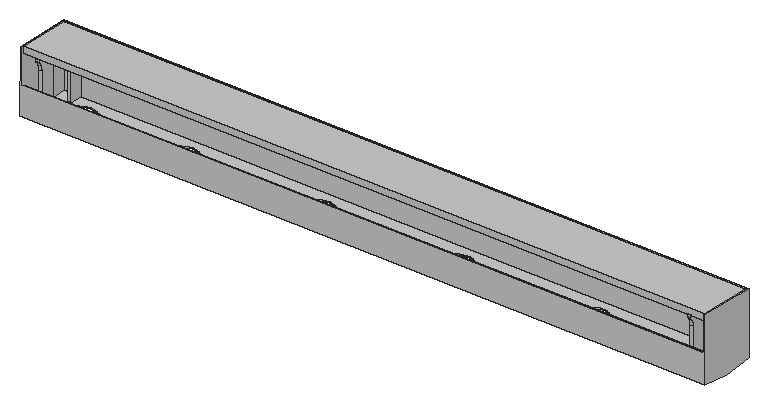
Revit family "PF_ST_RainTrak- O_ACO_2022", category Plumbing Fixtures, Revit 2022 (continued)
Dimensions and locks
  aligned and locked: Extrusion 25 to cut or joined group 1 (Extrusion 1, Extrusion 2, Extrusion 3, Extrusion 4, Extrusion 5, Extrusion 6, Extrusion 7, Extrusion 8, Extrusion 9, Extrusion 10, Extrusion 11, Extrusion 12, Extrusion 13, Extrusion 14, Extrusion 15, Extrusion 16, Extrusion 17, Extrusion 18, Extrusion 19, Extrusion 20, Extrusion 21, Extrusion 22, Extrusion 23, Extrusion 24, Extrusion 25, Extrusion 26, Extrusion 27, Extrusion 28, Extrusion 29, Extrusion 30, Extrusion 31, Extrusion 32, Extrusion 33)
  aligned and locked: Extrusion 26 to cut or joined group 1
  aligned and locked: Extrusion 27 to cut or joined group 1
  aligned and locked: Extrusion 28 to cut or joined group 1
  aligned and locked: Extrusion 29 to cut or joined group 1
  aligned and locked: Extrusion 30 to cut or joined group 1
  aligned and locked: Extrusion 31 to cut or joined group 1
  aligned and locked: Extrusion 32 to cut or joined group 1
  aligned and locked: Extrusion 33 to cut or joined group 1
  aligned and locked: Extrusion 23 to cut or joined group 1
  aligned and locked: Extrusion 10 to plane 6 "connector_plane"
  aligned and locked: Extrusion 5 to plane 6 "connector_plane"
  aligned and locked: Extrusion 11 to plane 6 "connector_plane"
  aligned and locked: Extrusion 12 to plane 6 "connector_plane"
  aligned and locked: Extrusion 13 to plane 6 "connector_plane"
  aligned and locked: Extrusion 14 to plane 6 "connector_plane"
  aligned and locked: Extrusion 15 to plane 6 "connector_plane"
  aligned and locked: Extrusion 6 to plane 6 "connector_plane"
  aligned and locked: Extrusion 16 to plane 6 "connector_plane"
  aligned and locked: Extrusion 17 to plane 6 "connector_plane"
  aligned and locked: Extrusion 18 to plane 6 "connector_plane"
  aligned and locked: Extrusion 19 to plane 6 "connector_plane"
  aligned and locked: Extrusion 20 to plane 6 "connector_plane"
  aligned and locked: Extrusion 21 to plane 6 "connector_plane"
  aligned and locked: Extrusion 22 to plane 6 "connector_plane"
  aligned and locked: Extrusion 23 to plane 6 "connector_plane"
  aligned and locked: Extrusion 24 to plane 6 "connector_plane"
  aligned and locked: Extrusion 25 to plane 6 "connector_plane"
  aligned and locked: Extrusion 26 to plane 6 "connector_plane"
  aligned and locked: Extrusion 27 to plane 6 "connector_plane"
  aligned and locked: Extrusion 28 to plane 6 "connector_plane"
  aligned and locked: Extrusion 29 to plane 6 "connector_plane"
  aligned and locked: Extrusion 30 to plane 6 "connector_plane"
  aligned and locked: Extrusion 31 to plane 6 "connector_plane"
  aligned and locked: Extrusion 32 to plane 6 "connector_plane"
  aligned and locked: Extrusion 33 to plane 6 "connector_plane"
  aligned and locked: Extrusion 7 to plane 6 "connector_plane"
  aligned and locked: Extrusion 9 to plane 6 "connector_plane"
  aligned and locked: cut or joined group 1 to Extrusion 3 sketch curve
  aligned and locked: cut or joined group 1 to Extrusion 4 sketch curve
  aligned and locked: Extrusion 34 sketch curve to cut or joined group 1  (x4)
  aligned and locked: Extrusion 34 to curve 1
  aligned and locked: Extrusion 34 to cut or joined group 1
Automatic sketch dimensions
  Extrusion 3 sketch curve to plane 5 = 0 mm
  Extrusion 3 sketch curve to plane 1 "Center (Front/Back)" = 0 mm
  Extrusion 3 sketch curve to plane 4 = 0 mm
  plane 6 "connector_plane" to Extrusion 3 sketch curve = 5.3 mm
  plane 6 "connector_plane" to Extrusion 3 sketch curve = 5.145 mm
  plane 6 "connector_plane" to Extrusion 3 sketch curve = 1.207 mm
  Extrusion 3 sketch curve to Extrusion 3 sketch curve = 40 mm
  Extrusion 4 sketch curve to plane 5 = 0 mm
  Extrusion 4 sketch curve to plane 1 "Center (Front/Back)" = 0 mm
  Extrusion 4 sketch curve to plane 4 = 0 mm
  plane 6 "connector_plane" to Extrusion 4 sketch curve = 5.3 mm
  plane 6 "connector_plane" to Extrusion 4 sketch curve = 5.145 mm
  plane 6 "connector_plane" to Extrusion 4 sketch curve = 1.207 mm
  Extrusion 1 sketch curve to plane 1 "Center (Front/Back)" = 0.121 mm
  Extrusion 2 sketch curve to plane 1 "Center (Front/Back)" = 0 mm  (x2)
  Extrusion 2 sketch curve to plane 4 = 2 mm
  plane 6 "connector_plane" to Extrusion 2 sketch curve = 1.207 mm
  plane 6 "connector_plane" to Extrusion 2 sketch curve = 4.148 mm
  curve 1 to plane 6 "connector_plane" = 0 mm
  curve 30 to plane 6 "connector_plane" = 0 mm
  curve 2 to plane 6 "connector_plane" = 0 mm
  curve 29 to plane 6 "connector_plane" = 0 mm
  curve 3 to plane 6 "connector_plane" = 0 mm
  curve 28 to plane 6 "connector_plane" = 0 mm
  curve 4 to plane 6 "connector_plane" = 0 mm
  curve 27 to plane 6 "connector_plane" = 0 mm
  curve 5 to plane 6 "connector_plane" = 0 mm
  curve 26 to plane 6 "connector_plane" = 0 mm
  curve 6 to plane 6 "connector_plane" = 0 mm
  curve 25 to plane 6 "connector_plane" = 0 mm
  curve 7 to plane 6 "connector_plane" = 0 mm
  curve 24 to plane 6 "connector_plane" = 0 mm
  curve 8 to plane 6 "connector_plane" = 0 mm
  curve 23 to plane 6 "connector_plane" = 0 mm
  curve 9 to plane 6 "connector_plane" = 0 mm
  curve 22 to plane 6 "connector_plane" = 0 mm
  curve 10 to plane 6 "connector_plane" = 0 mm
  curve 21 to plane 6 "connector_plane" = 0 mm
  curve 11 to plane 6 "connector_plane" = 0 mm
  curve 20 to plane 6 "connector_plane" = 0 mm
  curve 12 to plane 6 "connector_plane" = 0 mm
  curve 19 to plane 6 "connector_plane" = 0 mm
  curve 13 to plane 6 "connector_plane" = 0 mm
  curve 18 to plane 6 "connector_plane" = 0 mm
  curve 14 to plane 6 "connector_plane" = 0 mm
  curve 17 to plane 6 "connector_plane" = 0 mm
  curve 15 to plane 6 "connector_plane" = 0 mm
  curve 16 to plane 6 "connector_plane" = 0 mm
  plane 6 "connector_plane" to curve 15 = 15 mm
  curve 16 to curve 15 = 0 mm
  curve 14 to curve 15 = 0 mm
  curve 17 to curve 14 = 0 mm
  curve 13 to curve 14 = 0 mm
  curve 18 to curve 13 = 0 mm
  curve 12 to curve 13 = 0 mm
  curve 19 to curve 12 = 0 mm
  curve 11 to curve 12 = 0 mm
  curve 20 to curve 11 = 0 mm
  curve 10 to curve 11 = 0 mm
  curve 21 to curve 10 = 0 mm
  curve 9 to curve 10 = 0 mm
  curve 22 to curve 9 = 0 mm
  curve 8 to curve 9 = 0 mm
  curve 23 to curve 8 = 0 mm
  curve 7 to curve 8 = 0 mm
  curve 24 to curve 7 = 0 mm
  curve 6 to curve 7 = 0 mm
  curve 25 to curve 6 = 0 mm
  curve 5 to curve 6 = 0 mm
  curve 26 to curve 5 = 0 mm
  curve 4 to curve 5 = 0 mm
  curve 27 to curve 4 = 0 mm
  curve 3 to curve 4 = 0 mm
  curve 28 to curve 4 = 0 mm
  curve 2 to curve 3 = 0 mm
  curve 29 to curve 4 = 0 mm
  plane 6 "connector_plane" to curve 1 = 15 mm
  curve 30 to curve 4 = 0 mm
  plane 1 "Center (Front/Back)" to Extrusion 5 sketch curve = 0 mm
  plane 1 "Center (Front/Back)" to Extrusion 6 sketch curve = 0 mm
  plane 1 "Center (Front/Back)" to Extrusion 7 sketch curve = 0 mm
  plane 1 "Center (Front/Back)" to Extrusion 8 sketch curve = 0 mm
  plane 1 "Center (Front/Back)" to Extrusion 9 sketch curve = 0 mm
  plane 1 "Center (Front/Back)" to Extrusion 10 sketch curve = 0 mm
  plane 1 "Center (Front/Back)" to Extrusion 11 sketch curve = 0 mm
  plane 1 "Center (Front/Back)" to Extrusion 12 sketch curve = 0 mm
  plane 1 "Center (Front/Back)" to Extrusion 13 sketch curve = 0 mm
  plane 1 "Center (Front/Back)" to Extrusion 14 sketch curve = 0 mm
  plane 1 "Center (Front/Back)" to Extrusion 15 sketch curve = 0 mm
  plane 1 "Center (Front/Back)" to Extrusion 16 sketch curve = 0 mm
  plane 1 "Center (Front/Back)" to Extrusion 17 sketch curve = 0 mm
  plane 1 "Center (Front/Back)" to Extrusion 18 sketch curve = 0 mm
  plane 1 "Center (Front/Back)" to Extrusion 19 sketch curve = 0 mm
  plane 1 "Center (Front/Back)" to Extrusion 20 sketch curve = 0 mm
  plane 1 "Center (Front/Back)" to Extrusion 21 sketch curve = 0 mm
  plane 1 "Center (Front/Back)" to Extrusion 22 sketch curve = 0 mm
  plane 1 "Center (Front/Back)" to Extrusion 23 sketch curve = 0 mm
  plane 1 "Center (Front/Back)" to Extrusion 24 sketch curve = 0 mm
  plane 1 "Center (Front/Back)" to Extrusion 25 sketch curve = 0 mm
  plane 1 "Center (Front/Back)" to Extrusion 26 sketch curve = 0 mm
  plane 1 "Center (Front/Back)" to Extrusion 27 sketch curve = 0 mm
  plane 1 "Center (Front/Back)" to Extrusion 28 sketch curve = 0 mm
  plane 1 "Center (Front/Back)" to Extrusion 29 sketch curve = 0 mm
  plane 1 "Center (Front/Back)" to Extrusion 30 sketch curve = 0 mm
  plane 1 "Center (Front/Back)" to Extrusion 31 sketch curve = 0 mm
  plane 1 "Center (Front/Back)" to Extrusion 32 sketch curve = 0 mm
  plane 1 "Center (Front/Back)" to Extrusion 33 sketch curve = 0 mm
Nested families
  nested 1: "gratings_RainTrak" at (1.5, 0, 0), depth_C_ANZRS <- "depth_01_C_ANZRS", length_C_ANZRS <- "grating_length", width_C_ANZRS <- "width_C_ANZRS", grating_index <- "grating_index", type_index <- "type_index", type <- "gratings", type "Affiner_grating"
    with width_C_ANZRS 75 mm, type_index 1, solids_visible_1 yes, length_C_ANZRS 997 mm, grating_index 2, depth_C_ANZRS 95.3 mm
Connectors
  piping at (50.8, 0, -95.3), diameter 50.8, driven by "diameter_calculated"
    settings: on curve 1, index 1, connector inside diameter 609.6 mm, connector length 0 mm, flow factor 0, pipe flow 0.0 L/s, pressure drop 0.0 Pa, fitting loss kfactor 0, connector angle 0.00°, fixture units 0, engagement length 0 mm, angle of deflection 0.00°, flow configuration 0, flow direction 2, fitting loss method 0, system type 16, joint type 0, gender type 0, connector reference index -1, connector utility 0, adjustable connector no, is connector primary yes, connector description ""
  piping at (200, 0, -95.3), diameter 50.8, driven by "diameter_calculated"
    settings: on curve 3, index 2, connector inside diameter 609.6 mm, connector length 0 mm, flow factor 0, pipe flow 0.0 L/s, pressure drop 0.0 Pa, fitting loss kfactor 0, connector angle 0.00°, fixture units 0, engagement length 0 mm, angle of deflection 0.00°, flow configuration 0, flow direction 2, fitting loss method 0, system type 16, joint type 0, gender type 0, connector reference index -1, connector utility 0, adjustable connector no, is connector primary no, connector description ""
  piping at (400, 0, -95.3), diameter 50.8, driven by "diameter_calculated"
    settings: on curve 2, index 3, connector inside diameter 609.6 mm, connector length 0 mm, flow factor 0, pipe flow 0.0 L/s, pressure drop 0.0 Pa, fitting loss kfactor 0, connector angle 0.00°, fixture units 0, engagement length 0 mm, angle of deflection 0.00°, flow configuration 0, flow direction 2, fitting loss method 0, system type 16, joint type 0, gender type 0, connector reference index -1, connector utility 0, adjustable connector no, is connector primary no, connector description ""
  piping at (600, 0, -95.3), diameter 50.8, driven by "diameter_calculated"
    settings: on curve 4, index 4, connector inside diameter 609.6 mm, connector length 0 mm, flow factor 0, pipe flow 0.0 L/s, pressure drop 0.0 Pa, fitting loss kfactor 0, connector angle 0.00°, fixture units 0, engagement length 0 mm, angle of deflection 0.00°, flow configuration 0, flow direction 2, fitting loss method 0, system type 16, joint type 0, gender type 0, connector reference index -1, connector utility 0, adjustable connector no, is connector primary no, connector description ""
  piping at (800, 0, -95.3), diameter 50.8, driven by "diameter_calculated"
    settings: on curve 5, index 5, connector inside diameter 609.6 mm, connector length 0 mm, flow factor 0, pipe flow 0.0 L/s, pressure drop 0.0 Pa, fitting loss kfactor 0, connector angle 0.00°, fixture units 0, engagement length 0 mm, angle of deflection 0.00°, flow configuration 0, flow direction 2, fitting loss method 0, system type 16, joint type 0, gender type 0, connector reference index -1, connector utility 0, adjustable connector no, is connector primary no, connector description ""
  piping at (1100, 0, -95.3), diameter 50.8, driven by "diameter_calculated"
    settings: on curve 12, index 6, connector inside diameter 609.6 mm, connector length 0 mm, flow factor 0, pipe flow 0.0 L/s, pressure drop 0.0 Pa, fitting loss kfactor 0, connector angle 0.00°, fixture units 0, engagement length 0 mm, angle of deflection 0.00°, flow configuration 0, flow direction 2, fitting loss method 0, system type 16, joint type 0, gender type 0, connector reference index -1, connector utility 0, adjustable connector no, is connector primary no, connector description ""
  piping at (1100, 0, -95.3), diameter 50.8, driven by "diameter_calculated"
    settings: on curve 14, index 7, connector inside diameter 609.6 mm, connector length 0 mm, flow factor 0, pipe flow 0.0 L/s, pressure drop 0.0 Pa, fitting loss kfactor 0, connector angle 0.00°, fixture units 0, engagement length 0 mm, angle of deflection 0.00°, flow configuration 0, flow direction 2, fitting loss method 0, system type 16, joint type 0, gender type 0, connector reference index -1, connector utility 0, adjustable connector no, is connector primary no, connector description ""
  piping at (1100, 0, -95.3), diameter 50.8, driven by "diameter_calculated"
    settings: on curve 6, index 8, connector inside diameter 609.6 mm, connector length 0 mm, flow factor 0, pipe flow 0.0 L/s, pressure drop 0.0 Pa, fitting loss kfactor 0, connector angle 0.00°, fixture units 0, engagement length 0 mm, angle of deflection 0.00°, flow configuration 0, flow direction 2, fitting loss method 0, system type 16, joint type 0, gender type 0, connector reference index -1, connector utility 0, adjustable connector no, is connector primary no, connector description ""
  piping at (1100, 0, -95.3), diameter 50.8, driven by "diameter_calculated"
    settings: on curve 7, index 9, connector inside diameter 609.6 mm, connector length 0 mm, flow factor 0, pipe flow 0.0 L/s, pressure drop 0.0 Pa, fitting loss kfactor 0, connector angle 0.00°, fixture units 0, engagement length 0 mm, angle of deflection 0.00°, flow configuration 0, flow direction 2, fitting loss method 0, system type 16, joint type 0, gender type 0, connector reference index -1, connector utility 0, adjustable connector no, is connector primary no, connector description ""
  piping at (1100, 0, -95.3), diameter 50.8, driven by "diameter_calculated"
    settings: on curve 16, index 10, connector inside diameter 609.6 mm, connector length 0 mm, flow factor 0, pipe flow 0.0 L/s, pressure drop 0.0 Pa, fitting loss kfactor 0, connector angle 0.00°, fixture units 0, engagement length 0 mm, angle of deflection 0.00°, flow configuration 0, flow direction 2, fitting loss method 0, system type 16, joint type 0, gender type 0, connector reference index -1, connector utility 0, adjustable connector no, is connector primary no, connector description ""
  piping at (1100, 0, -95.3), diameter 50.8, driven by "diameter_calculated"
    settings: on curve 17, index 11, connector inside diameter 609.6 mm, connector length 0 mm, flow factor 0, pipe flow 0.0 L/s, pressure drop 0.0 Pa, fitting loss kfactor 0, connector angle 0.00°, fixture units 0, engagement length 0 mm, angle of deflection 0.00°, flow configuration 0, flow direction 2, fitting loss method 0, system type 16, joint type 0, gender type 0, connector reference index -1, connector utility 0, adjustable connector no, is connector primary no, connector description ""
  piping at (1100, 0, -95.3), diameter 50.8, driven by "diameter_calculated"
    settings: on curve 8, index 12, connector inside diameter 609.6 mm, connector length 0 mm, flow factor 0, pipe flow 0.0 L/s, pressure drop 0.0 Pa, fitting loss kfactor 0, connector angle 0.00°, fixture units 0, engagement length 0 mm, angle of deflection 0.00°, flow configuration 0, flow direction 2, fitting loss method 0, system type 16, joint type 0, gender type 0, connector reference index -1, connector utility 0, adjustable connector no, is connector primary no, connector description ""
  piping at (1100, 0, -95.3), diameter 50.8, driven by "diameter_calculated"
    settings: on curve 9, index 13, connector inside diameter 609.6 mm, connector length 0 mm, flow factor 0, pipe flow 0.0 L/s, pressure drop 0.0 Pa, fitting loss kfactor 0, connector angle 0.00°, fixture units 0, engagement length 0 mm, angle of deflection 0.00°, flow configuration 0, flow direction 2, fitting loss method 0, system type 16, joint type 0, gender type 0, connector reference index -1, connector utility 0, adjustable connector no, is connector primary no, connector description ""
  piping at (1100, 0, -95.3), diameter 50.8, driven by "diameter_calculated"
    settings: on curve 20, index 14, connector inside diameter 609.6 mm, connector length 0 mm, flow factor 0, pipe flow 0.0 L/s, pressure drop 0.0 Pa, fitting loss kfactor 0, connector angle 0.00°, fixture units 0, engagement length 0 mm, angle of deflection 0.00°, flow configuration 0, flow direction 2, fitting loss method 0, system type 16, joint type 0, gender type 0, connector reference index -1, connector utility 0, adjustable connector no, is connector primary no, connector description ""
  piping at (1100, 0, -95.3), diameter 50.8, driven by "diameter_calculated"
    settings: on curve 18, index 15, connector inside diameter 609.6 mm, connector length 0 mm, flow factor 0, pipe flow 0.0 L/s, pressure drop 0.0 Pa, fitting loss kfactor 0, connector angle 0.00°, fixture units 0, engagement length 0 mm, angle of deflection 0.00°, flow configuration 0, flow direction 2, fitting loss method 0, system type 16, joint type 0, gender type 0, connector reference index -1, connector utility 0, adjustable connector no, is connector primary no, connector description ""
  piping at (1100, 0, -95.3), diameter 50.8, driven by "diameter_calculated"
    settings: on curve 19, index 16, connector inside diameter 609.6 mm, connector length 0 mm, flow factor 0, pipe flow 0.0 L/s, pressure drop 0.0 Pa, fitting loss kfactor 0, connector angle 0.00°, fixture units 0, engagement length 0 mm, angle of deflection 0.00°, flow configuration 0, flow direction 2, fitting loss method 0, system type 16, joint type 0, gender type 0, connector reference index -1, connector utility 0, adjustable connector no, is connector primary no, connector description ""
  piping at (1100, 0, -95.3), diameter 50.8, driven by "diameter_calculated"
    settings: on curve 10, index 17, connector inside diameter 609.6 mm, connector length 0 mm, flow factor 0, pipe flow 0.0 L/s, pressure drop 0.0 Pa, fitting loss kfactor 0, connector angle 0.00°, fixture units 0, engagement length 0 mm, angle of deflection 0.00°, flow configuration 0, flow direction 2, fitting loss method 0, system type 16, joint type 0, gender type 0, connector reference index -1, connector utility 0, adjustable connector no, is connector primary no, connector description ""
  piping at (1100, 0, -95.3), diameter 50.8, driven by "diameter_calculated"
    settings: on curve 11, index 18, connector inside diameter 609.6 mm, connector length 0 mm, flow factor 0, pipe flow 0.0 L/s, pressure drop 0.0 Pa, fitting loss kfactor 0, connector angle 0.00°, fixture units 0, engagement length 0 mm, angle of deflection 0.00°, flow configuration 0, flow direction 2, fitting loss method 0, system type 16, joint type 0, gender type 0, connector reference index -1, connector utility 0, adjustable connector no, is connector primary no, connector description ""
  piping at (1100, 0, -95.3), diameter 50.8, driven by "diameter_calculated"
    settings: on curve 15, index 19, connector inside diameter 609.6 mm, connector length 0 mm, flow factor 0, pipe flow 0.0 L/s, pressure drop 0.0 Pa, fitting loss kfactor 0, connector angle 0.00°, fixture units 0, engagement length 0 mm, angle of deflection 0.00°, flow configuration 0, flow direction 2, fitting loss method 0, system type 16, joint type 0, gender type 0, connector reference index -1, connector utility 0, adjustable connector no, is connector primary no, connector description ""
  piping at (1100, 0, -95.3), diameter 50.8, driven by "diameter_calculated"
    settings: on curve 21, index 20, connector inside diameter 609.6 mm, connector length 0 mm, flow factor 0, pipe flow 0.0 L/s, pressure drop 0.0 Pa, fitting loss kfactor 0, connector angle 0.00°, fixture units 0, engagement length 0 mm, angle of deflection 0.00°, flow configuration 0, flow direction 2, fitting loss method 0, system type 16, joint type 0, gender type 0, connector reference index -1, connector utility 0, adjustable connector no, is connector primary no, connector description ""
  piping at (1100, 0, -95.3), diameter 50.8, driven by "diameter_calculated"
    settings: on curve 13, index 21, connector inside diameter 609.6 mm, connector length 0 mm, flow factor 0, pipe flow 0.0 L/s, pressure drop 0.0 Pa, fitting loss kfactor 0, connector angle 0.00°, fixture units 0, engagement length 0 mm, angle of deflection 0.00°, flow configuration 0, flow direction 2, fitting loss method 0, system type 16, joint type 0, gender type 0, connector reference index -1, connector utility 0, adjustable connector no, is connector primary no, connector description ""
  piping at (1100, 0, -95.3), diameter 50.8, driven by "diameter_calculated"
    settings: on curve 22, index 22, connector inside diameter 609.6 mm, connector length 0 mm, flow factor 0, pipe flow 0.0 L/s, pressure drop 0.0 Pa, fitting loss kfactor 0, connector angle 0.00°, fixture units 0, engagement length 0 mm, angle of deflection 0.00°, flow configuration 0, flow direction 2, fitting loss method 0, system type 16, joint type 0, gender type 0, connector reference index -1, connector utility 0, adjustable connector no, is connector primary no, connector description ""
  piping at (1100, 0, -95.3), diameter 50.8, driven by "diameter_calculated"
    settings: on curve 23, index 23, connector inside diameter 609.6 mm, connector length 0 mm, flow factor 0, pipe flow 0.0 L/s, pressure drop 0.0 Pa, fitting loss kfactor 0, connector angle 0.00°, fixture units 0, engagement length 0 mm, angle of deflection 0.00°, flow configuration 0, flow direction 2, fitting loss method 0, system type 16, joint type 0, gender type 0, connector reference index -1, connector utility 0, adjustable connector no, is connector primary no, connector description ""
  piping at (1100, 0, -95.3), diameter 50.8, driven by "diameter_calculated"
    settings: on curve 24, index 24, connector inside diameter 609.6 mm, connector length 0 mm, flow factor 0, pipe flow 0.0 L/s, pressure drop 0.0 Pa, fitting loss kfactor 0, connector angle 0.00°, fixture units 0, engagement length 0 mm, angle of deflection 0.00°, flow configuration 0, flow direction 2, fitting loss method 0, system type 16, joint type 0, gender type 0, connector reference index -1, connector utility 0, adjustable connector no, is connector primary no, connector description ""
  piping at (1100, 0, -95.3), diameter 50.8, driven by "diameter_calculated"
    settings: on curve 25, index 25, connector inside diameter 609.6 mm, connector length 0 mm, flow factor 0, pipe flow 0.0 L/s, pressure drop 0.0 Pa, fitting loss kfactor 0, connector angle 0.00°, fixture units 0, engagement length 0 mm, angle of deflection 0.00°, flow configuration 0, flow direction 2, fitting loss method 0, system type 16, joint type 0, gender type 0, connector reference index -1, connector utility 0, adjustable connector no, is connector primary no, connector description ""
  piping at (1100, 0, -95.3), diameter 50.8, driven by "diameter_calculated"
    settings: on curve 26, index 26, connector inside diameter 609.6 mm, connector length 0 mm, flow factor 0, pipe flow 0.0 L/s, pressure drop 0.0 Pa, fitting loss kfactor 0, connector angle 0.00°, fixture units 0, engagement length 0 mm, angle of deflection 0.00°, flow configuration 0, flow direction 2, fitting loss method 0, system type 16, joint type 0, gender type 0, connector reference index -1, connector utility 0, adjustable connector no, is connector primary no, connector description ""
  piping at (1100, 0, -95.3), diameter 50.8, driven by "diameter_calculated"
    settings: on curve 27, index 27, connector inside diameter 609.6 mm, connector length 0 mm, flow factor 0, pipe flow 0.0 L/s, pressure drop 0.0 Pa, fitting loss kfactor 0, connector angle 0.00°, fixture units 0, engagement length 0 mm, angle of deflection 0.00°, flow configuration 0, flow direction 2, fitting loss method 0, system type 16, joint type 0, gender type 0, connector reference index -1, connector utility 0, adjustable connector no, is connector primary no, connector description ""
  piping at (1100, 0, -95.3), diameter 50.8, driven by "diameter_calculated"
    settings: on curve 28, index 28, connector inside diameter 609.6 mm, connector length 0 mm, flow factor 0, pipe flow 0.0 L/s, pressure drop 0.0 Pa, fitting loss kfactor 0, connector angle 0.00°, fixture units 0, engagement length 0 mm, angle of deflection 0.00°, flow configuration 0, flow direction 2, fitting loss method 0, system type 16, joint type 0, gender type 0, connector reference index -1, connector utility 0, adjustable connector no, is connector primary no, connector description ""
  piping at (1100, 0, -95.3), diameter 50.8, driven by "diameter_calculated"
    settings: on curve 29, index 29, connector inside diameter 609.6 mm, connector length 0 mm, flow factor 0, pipe flow 0.0 L/s, pressure drop 0.0 Pa, fitting loss kfactor 0, connector angle 0.00°, fixture units 0, engagement length 0 mm, angle of deflection 0.00°, flow configuration 0, flow direction 2, fitting loss method 0, system type 16, joint type 0, gender type 0, connector reference index -1, connector utility 0, adjustable connector no, is connector primary no, connector description ""
  piping at (1100, 0, -95.3), diameter 50.8, driven by "diameter_calculated"
    settings: on curve 30, index 30, connector inside diameter 609.6 mm, connector length 0 mm, flow factor 0, pipe flow 0.0 L/s, pressure drop 0.0 Pa, fitting loss kfactor 0, connector angle 0.00°, fixture units 0, engagement length 0 mm, angle of deflection 0.00°, flow configuration 0, flow direction 2, fitting loss method 0, system type 16, joint type 0, gender type 0, connector reference index -1, connector utility 0, adjustable connector no, is connector primary no, connector description ""
Definition of nested family "gratings_RainTrak"
  Parameters (values of type "Affiner_grating")
    width_C_ANZRS [instance] = 123 mm
    type_index [instance] = 1
    solids_visible_1 [instance] = not(grating_index = 3)  # yes
    length_C_ANZRS [instance] = 1180 mm
    grating_index [instance] = 2
    depth_C_ANZRS [instance] = 40 mm
    Type Comments = "Do not add in BOM"  # constant formula
    Model = "RainTrak"  # constant formula
    Manufacturer = "ACO"  # constant formula
    Default Elevation = 0 mm
  Types (2, lengths in mm): name | grating_index
    Affiner_grating | 2
    Linéaire_grating | 1
  Reference planes
    plane 1 "Center (Front/Back)": y = 0
    plane 2: z = 0
    plane 3 "Center (Left/Right)": x = 0
  Dimensions and locks
    aligned and locked: level to plane 2
    aligned and locked: plane 1 "Center (Front/Back)" to nested 1
    aligned and locked: plane 3 "Center (Left/Right)" to nested 1
  Nested families
    nested 1: "ZZZ_do not use_PF_ST_gratings for RainTrak_ACO" at (0, 0, 0), depth_C_ANZRS <- "depth_C_ANZRS", length_C_ANZRS <- "length_C_ANZRS", width_C_ANZRS <- "width_C_ANZRS", grating_index <- "grating_index", type_index <- "type_index", type "std(nested)"
      with width_C_ANZRS 123 mm, type_index 1, solids_visible yes, product_index 2, net_mass_S_ANZRS 0.00 kg, material_C_ANZRS none, length_C_ANZRS 1180 mm, grating_index 2, description_C_ANZRS "Gratings for RainTrak", desc_uk "Gratings for RainTrak", depth_C_ANZRS 40 mm, depth_01_C_ANZRS 34.7 mm, code_gtin_C_ANZRS "-", code_article_C_ANZRS "-"
  Definition of nested family "ZZZ_do not use_PF_ST_gratings for RainTrak_ACO"
    Parameters (values of type "std(nested)")
      width_C_ANZRS [instance] = 75 mm
      type_index [instance] = 1
      solids_visible [instance] = yes
      region_index = 1  # constant formula
      product_index [instance] = size_lookup(lookup_table_name, "pi", 0, type_index, grating_index)  # 1
      product_assortment_C_ANZRS = "RainTrak"  # constant formula
      net_mass_S_ANZRS [instance] = 0.00 kg
      material_C_ANZRS [instance] = none
      lookup_table_name = "RainTrak"  # constant formula
      length_C_ANZRS [instance] = 1180 mm
      intended_use_C_ANZRS = if(region_index = 1, "Drainage systems", if(region_index = 2, "Entwässerungssysteme", if(region_index = 3, "Afvoersystemen", "0")))  # "Drainage systems"
      instructions_for_use = "www.acobuildline.com.au/product-support/downloads"
      installation_manual = "www.acobuildline.com.au/product-support/downloads"
      info_technical_C_ANZRS = "www.acobuildline.com.au/products/raintrak/"
      info_commercial_C_ANZRS = "www.acobuildline.com.au/product-support/downloads"
      grating_index [instance] = 1
      e-mail sales = "sales@acoaus.com.au"
      e-mail Technical = "sales@acoaus.com.au"
      diameter_C_ANZRS = 44 mm  # constant formula
      diameter_01_C_ANZRS = 35.4 mm  # constant formula
      description_C_ANZRS [instance] = if(region_index = 1, desc_uk, if(region_index = 2, desc_ge, if(region_index = 3, desc_nl, "0")))  # "Gratings for RainTrak"
      desc_uk [instance] = "Gratings for RainTrak"  # constant formula
      desc_nl = "-"  # constant formula
      desc_ge = "-"  # constant formula
      depth_C_ANZRS [instance] = 100 mm
      depth_01_C_ANZRS [instance] = depth_C_ANZRS - 5.3 mm  # 94.7 mm
      content_version_C_ANZRS = "1.0"  # constant formula
      content_creator_C_ANZRS = "ACO Technology Centre, INDIA"  # constant formula
      code_specification_URL_C_ANZRS = ""
      code_gtin_C_ANZRS [instance] = "-"  # constant formula
      code_article_C_ANZRS [instance] = "-"  # constant formula
      URL = "www.acobuildline.com.au"
      Telephone = " +61 2 4747 4000"  # constant formula
      Model = "RainTrak"  # constant formula
      Manufacturer = "ACO Pty Ltd"  # constant formula
      IfcExportType = "RECTANGULAR"  # constant formula
      IfcExportAs = "IfcGridType"  # constant formula
      IfcDescription = Description  # "Threshold door drainage"
      Fax = " +61 2 4747 4040"  # constant formula
      Description = "Threshold door drainage"  # constant formula
      Default Elevation = 0 mm
      Address = "134-140 Old Bathurst Road, Emu Plains, NSW 2750, Australia"  # constant formula
    Reference planes
      plane 1 "Center (Front/Back)": y = 0
      plane 2: z = 0
      plane 3 "Center (Left/Right)": x = 0
      plane 4: z = -9
    Forms (mm)
      Extrusion 1, solid, material <- "material_C_ANZRS", visible <- "solids_visible"
        sketch origin (0, 0, 0) x (1, 0, 0) y (0, 1, 0)
          loop
            line (0, 37.5) -> (0, -37.5) -> (1180, -37.5) -> (1180, 37.5) -> (0, 37.5)
        from 0 to -9
      Extrusion 2, solid, material <- "material_C_ANZRS", visible <- "solids_visible"
        sketch origin (1180, 24, 0.2) x (0, 1, 0) y (0, 0, -1)
          loop
            line (-61.5, 9.2) -> (13.5, 9.2) -> (13.5, 94.9) -> (-4.484, 94.9) -> (-4.484, 21.208)
            arc (-4.484, 21.208) -> (-20.89, 13.866) -> (-37.295, 21.208) r 22
            line (-37.295, 21.208) -> (-37.295, 94.9) -> (-56.725, 94.9) -> (-56.725, 25.793)
            arc (-56.725, 25.793) -> (-57.962, 19.292) -> (-61.5, 13.7) r 17.7
            line (-61.5, 13.7) -> (-61.5, 9.2)
        from 20.473 to 25.584
      Extrusion 3, solid, material <- "material_C_ANZRS", visible <- "solids_visible"
        sketch origin (45.584, 24, 0.2) x (0, 1, 0) y (0, 0, -1)
          loop
            line (-61.5, 9.2) -> (13.5, 9.2) -> (13.5, 94.9) -> (-4.484, 94.9) -> (-4.484, 21.208)
            arc (-4.484, 21.208) -> (-20.89, 13.866) -> (-37.295, 21.208) r 22
            line (-37.295, 21.208) -> (-37.295, 94.9) -> (-56.725, 94.9) -> (-56.725, 25.793)
            arc (-56.725, 25.793) -> (-57.962, 19.292) -> (-61.5, 13.7) r 17.7
            line (-61.5, 13.7) -> (-61.5, 9.2)
        from 20.473 to 25.584
    Dimensions and locks
      equal spacing: Extrusion 1 sketch curve, plane 1 "Center (Front/Back)", Extrusion 1 sketch curve
      "width_C_ANZRS": Extrusion 1 sketch curve to Extrusion 1 sketch curve
      "length_C_ANZRS": Extrusion 1 sketch curve to Extrusion 1 sketch curve
      locked: Extrusion 2 to Extrusion 2 at 5.111
      locked: Extrusion 1 to Extrusion 2 at 20.473
      locked: Extrusion 3 to Extrusion 3 at 5.111
      locked: Extrusion 3 to plane 3 "Center (Left/Right)" at 20
      locked: level to plane 4 at 9
      "depth_01_C_ANZRS": level to Extrusion 3 sketch curve
      locked: Extrusion 3 sketch curve to plane 4 at 4.666
      locked: Extrusion 3 sketch curve to Extrusion 1 at 26.666
      locked: Extrusion 3 sketch curve to plane 1 "Center (Front/Back)" at 3.11
      locked: level to Extrusion 3 at 13.666
      locked: Extrusion 2 sketch curve to plane 4 at 26.666
      locked: Extrusion 3 to plane 4 at 4.666
      locked: Extrusion 3 sketch curve to Extrusion 3 sketch curve at 32.812
      locked: Extrusion 2 sketch curve to Extrusion 2 sketch curve at 32.812
      "depth_01_C_ANZRS": level to Extrusion 2 sketch curve
      "diameter_01_C_ANZRS": diameter of Extrusion 3 sketch curve
      "diameter_01_C_ANZRS": diameter of Extrusion 3
      "diameter_C_ANZRS": diameter of Extrusion 2 sketch curve
      "diameter_01_C_ANZRS": diameter of Extrusion 2 sketch curve
      aligned and locked: level to plane 2
      aligned and locked: plane 3 "Center (Left/Right)" to Extrusion 1 sketch curve
      aligned and locked: level to Extrusion 1
      aligned and locked: Extrusion 2 sketch curve to Extrusion 2 sketch curve
      aligned and locked: Extrusion 2 sketch curve to Extrusion 1  (x2)
      aligned and locked: Extrusion 3 sketch curve to Extrusion 3 sketch curve
      aligned and locked: Extrusion 3 sketch curve to Extrusion 1  (x2)
      aligned and locked: plane 4 to Extrusion 1
      aligned and locked: Extrusion 3 sketch curve to plane 4
    Automatic sketch dimensions
      plane 4 to Extrusion 2 sketch curve = 0 mm
      Extrusion 2 sketch curve to Extrusion 2 sketch curve = 12.925 mm
      plane 1 "Center (Front/Back)" to Extrusion 2 sketch curve = 13.295 mm
      Extrusion 2 sketch curve to plane 1 "Center (Front/Back)" = 3.11 mm
      Extrusion 2 sketch curve to Extrusion 2 sketch curve = 4.5 mm
      Extrusion 3 sketch curve to Extrusion 3 sketch curve = 12.925 mm
      plane 1 "Center (Front/Back)" to Extrusion 3 sketch curve = 13.295 mm
      Extrusion 3 sketch curve to Extrusion 3 sketch curve = 4.5 mm
Types (3, lengths in mm): name | width_C_ANZRS | type_index | sill_depth01 | sill_depth | product_index | outlet_number | outlet_dia | min_end_dist | gratings | grating_index | drain_position_calculated_5 | drain_position_calculated_4 | drain_position_calculated_3 | drain_position_calculated_2 | drain_position_calculated_1 | drain_position_24 | drain_position_12 | diameter_calculated | D1_calculated | D2_calculated | D3_calculated | description_C_ANZRS | depth_calculated02 | depth_calculated01 | depth_03_C_ANZRS | depth_02_C_ANZRS | depth_01_C_ANZRS | code_article_C_ANZRS | channel_depth | Assembly Code
  RainTrak-O-75mm width | 75 | 1 | 50 | 50 | 2 | 5 | 50 | 949.2 | gratings_RainTrak : Affiner_grating | 2 | 800 | 600 | 400 | 200 | 50.8 | 4800 | 2200 | 50.8 | 50.8 | 50.8 | 50.8 | "ACO RainTrak-O 75mm wide with Affiner grate (nominal)" | 50 | 40 | 50 | 40 | 95.3 | "RT075A" | 40 | "D2040300"
  RainTrak-O-100mm width | 100 | 2 | 20 | 20 | 4 | 1 | 78 | 911.1 | gratings_RainTrak : Affiner_grating | 2 | 1100 | 1100 | 1100 | 1100 | 88.9 | 4600 | 2200 | 88.9 | 63.5 | 88.9 | 88.9 | "ACO RainTrak-O 100mm wide with Affiner grate (nominal)" | 20 | 50 | 20 | 50 | 75.3 | "RT0100A" | 50 | 0
  RainTrak-O-123mm width | 123 | 3 | 60 | 70 | 5 | 5 | 150 | 898.4 | gratings_RainTrak : Linéaire_grating | 1 | 800 | 600 | 406.4 | 254 | 101.6 | 4600 | 2300 | 101.6 | 63.5 | 88.9 | 101.6 | "ACO RainTrak-O 123mm wide with Linéaire grate (nominal)" | 70 | 50 | 70 | 50 | 125.3 | "RT0123L" | 60 | 0
